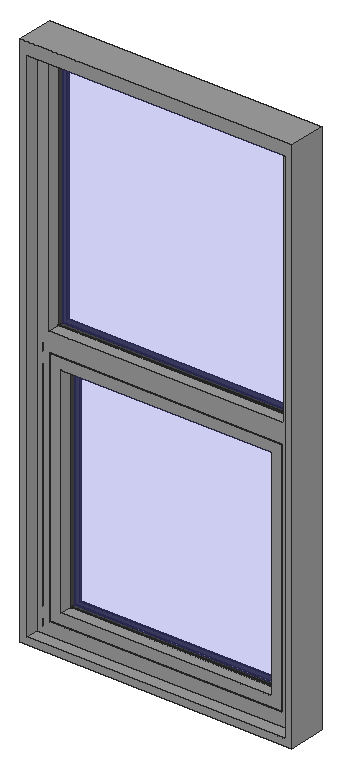
Revit family "SS_5_LAP OP007_v02", category Windows, host Wall, Revit 2015
Parameters
  Wall Thickness [instance] = 0' - 6"
  URL = "obe.com"
  Transom Height = 3' - 0"
  Rough Width = Width + 0' 0 1/2"  # 3' - 0 1/2"
  Rough Height = Height + 0' 0 1/2"  # 6' - 0 1/2"
  Offset Limitation [instance] = if((Offset + 0' 5") > Wall Thickness, (Wall Thickness - 0' 5"), Offset)  # 0' - 0"
  Offset [instance] = 0' - 0"
  Model = "SS_5_LAP OP007"
  Manufacturer = "Oldcastle BuildingEnvelope®"
  Keynote = "08 51 00"
  Height = Operable Height + Transom Height  # 6' - 0"
  Glass Material = Glass
  Gasket Material = Gasket
  Frame Material = Aluminum
  Operable Height = 3' - 0"
  Description = "SIGNATURE SERIES 5000 LAP"
  Default Sill Height = 3' - 0"
  Wall Closure = By host
  Width = 3' - 0"
  Assembly Code = "B2020"
Reference planes (in)
  plane 1 "Center (Front/Back)": y = 0
  plane 2: z = 0
  plane 3 "Center (Left/Right)": x = 0
  plane 4 "Left": x = -18.25
  plane 5 "Right": x = 18.25
  plane 6 "Sill": z = 36
  plane 7 "Top": z = 108.5
  plane 8 "Offset": y = 3
  plane 9: x = 18
  plane 10: z = 108.25
  plane 11: x = -18
  plane 12: z = 36.25
  plane 13 "Center": z = 72.25
  plane 14: z = 39.49948
  plane 15: z = 70.00052
  plane 16: z = 106.625
  plane 17: z = 72.875
  plane 18 "EXT": y = 2.69269
Forms (in)
  Sweep 1, solid, material "Aluminum" <- "Frame Material"
    path origin (0, 3, 0) x (1, 0, 0) y (0, 0, 1)
      loop
        line (-18, 72.25) -> (-18, 36)
    profile origin (-18, 3, 54.125) x (0, -1, 0) y (1, 0, 0)
      loop
        line (0, -0.25) -> (5.00003, -0.25) -> (5.00003, 0.625) -> (3.24905, 0.625) -> (3.24905, 2.3125) -> (3.17, 2.3125) -> (3.17, 1.375) -> (0, 1.375) -> (0, -0.25)
  Sweep 2, solid, material "Aluminum" <- "Frame Material"
    path origin (0, 3, 0) x (1, 0, 0) y (0, 0, 1)
      loop
        line (18, 72.25) -> (18, 36)
    profile origin (18, 3, 54.125) x (0, -1, 0) y (1, 0, 0)
      loop
        line (0, 0.25) -> (0, -1.375) -> (3.17, -1.375) -> (3.17, -2.3125) -> (3.24905, -2.3125) -> (3.24905, -0.625) -> (5.00003, -0.625) -> (5.00003, 0.25) -> (0, 0.25)
  Sweep 3, solid, material "Aluminum" <- "Frame Material"
    path origin (0, 3, 0) x (1, 0, 0) y (0, 0, 1)
      loop
        line (18.25, 36.25) -> (-18.25, 36.25)
    profile origin (0, 3, 36.25) x (0, 0, -1) y (0, -1, 0)
      loop
        line (0.25, 0) -> (0.25, 5.00003) -> (-0.625, 5.00003) -> (-0.625, 3.25) -> (-2.31253, 3.25) -> (-2.31253, 3.16998) -> (-1.37476, 3.16998) -> (-1.37476, 0) -> (0.25, 0)
  Sweep 4, solid, material "Aluminum" <- "Frame Material"
    path origin (0, 3, 0) x (1, 0, 0) y (0, 0, 1)
      loop
        line (18.25, 72.25) -> (-18.25, 72.25)
    profile origin (0, 3, 72.25) x (0, 0, -1) y (0, -1, 0)
      loop
        line (-1.25, 0) -> (0.36816, 0) -> (0.36816, 3.16998) -> (1.3125, 3.16998) -> (1.3125, 3.25) -> (-1.24003, 3.25) -> (-1.24003, 1.49822) -> (-0.625, 1.49822) -> (-0.625, 0.174) -> (-1.25, 0.174) -> (-1.25, 0)
  Sweep 5, solid, material "Aluminum" <- "Frame Material"
    path origin (0, 3, 0) x (1, 0, 0) y (0, 0, 1)
      loop
        line (18.25, 108.25) -> (-18.25, 108.25)
    profile origin (0, 3, 108.25) x (0, 0, -1) y (0, -1, 0)
      loop
        line (-0.25, 0) -> (2.25006, 0) -> (2.25006, 0.17403) -> (1.62506, 0.17403) -> (1.62506, 1.49898) -> (2.25006, 1.49898) -> (2.25006, 3.24169) -> (1.375, 3.24169) -> (1.375, 5.00003) -> (-0.25, 5.00003) -> (-0.25, 0)
  Sweep 6, solid, material "Aluminum" <- "Frame Material"
    path origin (0, 3, 0) x (1, 0, 0) y (0, 0, 1)
      loop
        line (18, 108.50003) -> (18, 72.25)
    profile origin (18, 3, 90.37502) x (0, -1, 0) y (1, 0, 0)
      loop
        line (0, 0.25) -> (0, -2.25006) -> (0.174, -2.25006) -> (0.174, -1.625) -> (1.49822, -1.625) -> (1.49822, -2.25006) -> (3.25003, -2.25006) -> (3.25003, -0.625) -> (5.00003, -0.625) -> (5.00003, 0.25) -> (0, 0.25)
  Sweep 7, solid, material "Aluminum" <- "Frame Material"
    path origin (0, 3, 0) x (1, 0, 0) y (0, 0, 1)
      loop
        line (-18, 108.50003) -> (-18, 72.25)
    profile origin (-18, 3, 90.37502) x (0, -1, 0) y (1, 0, 0)
      loop
        line (0, -0.25) -> (5.00003, -0.25) -> (5.00003, 0.625) -> (3.25003, 0.625) -> (3.25003, 2.25006) -> (1.49822, 2.25006) -> (1.49822, 1.625) -> (0.174, 1.625) -> (0.174, 2.25006) -> (0, 2.25006) -> (0, -0.25)
  Sweep 8, solid, material "Gasket" <- "Gasket Material", detail levels fine
    path origin (0, 3, 0) x (1, 0, 0) y (0, 0, 1)
      loop
        line (14.12552, 69.37552) -> (-14.12552, 69.37552) -> (-14.12552, 40.12448) -> (14.12552, 40.12448) -> (14.12552, 69.37552)
    profile origin (0, 3, 69.37552) x (0, 0, -1) y (0, -1, 0)
      loop
        line (-0.34122, 0.30731) -> (-0.34122, 0.18233) -> (0.01433, 0.18233) -> (0.01433, 0.03323) -> (0.05105, 0.04446) -> (0.15412, 0.30731) -> (-0.34122, 0.30731)
      loop
        line (0.125, 1.30731) -> (0.03928, 1.5877) -> (0, 1.5877) -> (0, 1.50729) -> (-0.16078, 1.50729) -> (-0.23349, 1.41749) -> (-0.32133, 1.34636)
        arc (-0.32133, 1.34636) -> (-0.33482, 1.32905) -> (-0.33179, 1.30731) r 0.02818
        line (-0.33179, 1.30731) -> (0.125, 1.30731)
  Sweep 9, solid, material "Gasket" <- "Gasket Material", detail levels fine
    path origin (0, 3, 0) x (1, 0, 0) y (0, 0, 1)
      loop
        line (15.74994, 105.99994) -> (-15.74994, 105.99994) -> (-15.74994, 73.49003) -> (15.74994, 73.49003) -> (15.74994, 105.99994)
    profile origin (0, 3, 105.99994) x (0, 0, -1) y (0, -1, 0)
      loop
        line (-0.34161, 0.29896) -> (-0.34161, 0.17399) -> (0.01394, 0.17399) -> (0.01394, 0.02489) -> (0.05067, 0.03611) -> (0.15374, 0.29896) -> (-0.34161, 0.29896)
      loop
        line (0.12461, 1.29896) -> (0.03889, 1.57935) -> (-0.00039, 1.57935) -> (-0.00039, 1.49894) -> (-0.16116, 1.49894) -> (-0.23388, 1.40914) -> (-0.32172, 1.33801)
        arc (-0.32172, 1.33801) -> (-0.33521, 1.3207) -> (-0.33218, 1.29896) r 0.02818
        line (-0.33218, 1.29896) -> (0.12461, 1.29896)
  Extrusion 10, solid, material "Glass" <- "Glass Material"
    sketch origin (0, 0, 36) x (0, -1, 0) y (1, 0, 0)
      loop
        line (-2.69269, -14.75052) -> (-1.69269, -14.75052) -> (-1.69269, 14.75052) -> (-2.69269, 14.75052) -> (-2.69269, -14.75052)
    from 3.49948 to 34.00052
  Extrusion 11, solid, material "Glass" <- "Glass Material"
    sketch origin (0, 0, 0) x (1, 0, 0) y (0, 1, 0)
      loop
        line (-16.375, 2.701) -> (-16.375, 1.701) -> (16.375, 1.701) -> (16.375, 2.701) -> (-16.375, 2.701)
    from 72.875 to 106.625
  Sweep 12, solid, material "Aluminum" <- "Frame Material"
    path origin (0, 3, 0) x (1, 0, 0) y (0, 0, 1)
      loop
        line (-18, 72.11606) -> (-18, 37.38394)
    profile origin (-18, 3, 54.75) x (0, -1, 0) y (1, 0, 0)
      loop
        line (0, 1.13394) -> (0, 1.8426) -> (3.09, 1.8426) -> (3.09, 2.49948) -> (3.24905, 2.49948) -> (3.24905, 3.87448) -> (1.50729, 3.87448) -> (1.50729, 3.24948) -> (0.18233, 3.24948) -> (0.18233, 3.87448) -> (0.00831, 3.87448) -> (0.00831, 2.99948) -> (-0.32169, 2.99948) -> (-0.32169, 1.13394) -> (0, 1.13394)
  Sweep 13, solid, material "Aluminum" <- "Frame Material"
    path origin (0, 3, 0) x (1, 0, 0) y (0, 0, 1)
      loop
        line (18, 72.11606) -> (18, 37.38394)
    profile origin (18, 3, 54.75) x (0, -1, 0) y (1, 0, 0)
      loop
        line (0.18233, -3.87448) -> (0.18233, -3.24948) -> (1.50729, -3.24948) -> (1.50729, -3.87448) -> (3.25, -3.87448) -> (3.25, -2.49948) -> (3.09, -2.49948) -> (3.09, -1.8426) -> (0, -1.8426) -> (0, -1.13394) -> (-0.32169, -1.13394) -> (-0.32169, -2.99948) -> (0.00831, -2.99948) -> (0.00831, -3.87448) -> (0.18233, -3.87448)
  Sweep 14, solid, material "Aluminum" <- "Frame Material"
    path origin (0, 3, 0) x (1, 0, 0) y (0, 0, 1)
      loop
        line (16.86606, 72.25) -> (-16.86606, 72.25)
    profile origin (0, 3, 72.25) x (0, 0, -1) y (0, -1, 0)
      loop
        line (0.13394, -0.32169) -> (1.99948, -0.32169) -> (1.99948, 0.00831) -> (2.87448, 0.00831) -> (2.87448, 0.18233) -> (2.24948, 0.18233) -> (2.24948, 1.50729) -> (2.87448, 1.50729) -> (2.87448, 3.25) -> (1.49943, 3.25) -> (1.49943, 3.08994) -> (0.84241, 3.08994) -> (0.84241, 0) -> (0.13394, 0) -> (0.13394, -0.32169)
  Sweep 15, solid, material "Aluminum" <- "Frame Material"
    path origin (0, 3, 0) x (1, 0, 0) y (0, 0, 1)
      loop
        line (16.86606, 36.25) -> (-16.86606, 36.25)
    profile origin (0, 3, 36.25) x (0, 0, -1) y (0, -1, 0)
      loop
        line (-1.13394, 0) -> (-1.84297, 0) -> (-1.84297, 3.08929) -> (-2.49948, 3.08929) -> (-2.49948, 3.25) -> (-3.87448, 3.25) -> (-3.87448, 1.50729) -> (-3.24948, 1.50729) -> (-3.24948, 0.18233) -> (-3.87448, 0.18233) -> (-3.87448, 0.00831) -> (-2.99948, 0.00831) -> (-2.99948, -0.32169) -> (-1.13394, -0.32169) -> (-1.13394, 0)
  Sweep 16, void
    path origin (0, 3, 0) x (1, 0, 0) y (0, 0, 1)
      loop
        line (18, 38.74948) -> (18, 70.75057)
    profile origin (18, 3, 54.75002) x (-1, 0, 0) y (0, -1, 0)
      loop
        line (2.3125, 3.25003) -> (2.3125, 3.09) -> (2.49948, 3.09) -> (2.49948, 3.25003) -> (2.3125, 3.25003)
  Sweep 17, void
    path origin (0, 3, 0) x (1, 0, 0) y (0, 0, 1)
      loop
        line (15.50052, 36.25) -> (-15.50052, 36.25)
    profile origin (0, 3, 36.25) x (0, 0, -1) y (0, -1, 0)
      loop
        line (-2.49948, 3.08929) -> (-2.31253, 3.08929) -> (-2.31253, 3.25003) -> (-2.49948, 3.25003) -> (-2.49948, 3.08929)
  Sweep 18, void
    path origin (0, 3, 0) x (1, 0, 0) y (0, 0, 1)
      loop
        line (15.50052, 72.25) -> (-15.50052, 72.25)
    profile origin (0, 3, 72.25) x (0, 0, -1) y (0, -1, 0)
      loop
        line (1.49943, 3.08994) -> (1.49943, 3.25) -> (1.3125, 3.25) -> (1.3125, 3.08994) -> (1.49943, 3.08994)
  Sweep 19, void
    path origin (0, 3, 0) x (1, 0, 0) y (0, 0, 1)
      loop
        line (-18, 70.75057) -> (-18, 38.56253)
    profile origin (-18, 3, 54.65655) x (0, -1, 0) y (1, 0, 0)
      loop
        line (3.25, 2.3125) -> (3.25, 2.49948) -> (3.09, 2.49948) -> (3.09, 2.3125) -> (3.25, 2.3125)
Cuts and joins
  Sweep 16, Sweep 17, Sweep 18 cuts Sweep 1
  Sweep 16, Sweep 17, Sweep 18 cuts Sweep 2
  Sweep 16, Sweep 17, Sweep 18 cuts Sweep 3
  Sweep 16, Sweep 17, Sweep 18 cuts Sweep 4
  Sweep 16, Sweep 17, Sweep 18 cuts Sweep 5
  Sweep 16, Sweep 17, Sweep 18 cuts Sweep 6
  Sweep 16, Sweep 17, Sweep 18 cuts Sweep 7
  Sweep 16, Sweep 17, Sweep 18 cuts Sweep 12
  Sweep 16, Sweep 17, Sweep 18 cuts Sweep 13
  Sweep 16, Sweep 17, Sweep 18, Sweep 19 cuts Sweep 14
  Sweep 16, Sweep 17, Sweep 18, Sweep 19 cuts Sweep 15
  joined: Sweep 1, Sweep 2, Sweep 3, Sweep 4, Sweep 5, Sweep 6, Sweep 7, Sweep 12, Sweep 13, Sweep 14, Sweep 15
Lines and regions (in)
  Opening 1
    outline origin (-60, -3, 0) x (1, 0, 0) y (0, 0, 1)
      loop
        line (41.75, 108.5) -> (41.75, 36) -> (78.25, 36) -> (78.25, 108.5) -> (41.75, 108.5)
  model lines, style "Opening Direction"
    curve 1: line (14.12552, 2.69269, 40.12448) -> (0, 2.69269, 69.37552)
    curve 2: line (-14.12552, 2.69269, 40.12448) -> (0, 2.69269, 69.37552)
Text (in)
  text "EXTERIOR" at (-58.6888, 50.90694, 0), in view "Ref. Level"
  text "INTERIOR" at (-58.6888, -45.76638, 0), in view "Ref. Level"
  text "Exterior" at (0, 43.65631, 123.19604), in view "Left"
  text "Exterior" at (0, 18.29385, 125.04747), in view "Right"
  text "Min Operable Size\n\n14\" width x 18\" height\n\n\n\nMin Fixed Size\n\n14\" x 18\"\n\n\n\nMax Operable Size\n\n72\" x 72\"\n\n\n\nMax Fixed Size\n\n72\" x 72\"\n\n\n\nMax Operable Area\n\n24 square feet" at (92.60738, 66.24361, 0), in view "Ref. Level"
Dimensions and locks (in)
  equal spacing: plane 4 "Left", plane 3 "Center (Left/Right)", plane 5 "Right"
  "Rough Width": plane 4 "Left" to plane 5 "Right"
  "Default Sill Height": plane 2 to plane 6 "Sill"
  "Offset Limitation": plane 8 "Offset" to host wall
  "Wall Thickness": host wall to host wall
  locked: plane 9 to plane 5 "Right" at 0.25
  locked: plane 6 "Sill" to plane 12 at 0.25
  "Operable Height": plane 12 to plane 13 "Center"
  "Transom Height": plane 13 "Center" to plane 10
  "Rough Height": plane 6 "Sill" to plane 7 "Top"
  "Width": plane 11 to plane 9
  Extrusion 10 sketch curve to Extrusion 10 sketch curve to plane 8 "Offset" = 0' - 1" locked, 0' - 0.30731" locked
  locked: plane 12 to plane 14 at 3.24948
  locked: plane 13 "Center" to plane 15 at 2.24948
  Extrusion 11 to host wall = 0' - 1.701"
  Extrusion 11 sketch curve to Extrusion 11 sketch curve to plane 8 "Offset" = 0' - 1" locked, 0' - 0.299" locked
  locked: plane 16 to plane 10 at 1.625
  locked: plane 17 to plane 13 "Center" at 0.625
  locked: plane 18 "EXT" to plane 8 "Offset" at 0.30731
  aligned and locked: plane 7 "Top" to Opening 1 sketch curve
  aligned and locked: plane 6 "Sill" to Opening 1 sketch curve  (x2)
  aligned and locked: plane 5 "Right" to Opening 1 sketch curve
  aligned and locked: plane 4 "Left" to Opening 1 sketch curve
  aligned and locked: level to plane 2
  aligned and locked: plane 12 to nested 3
  aligned and locked: Sweep 1 sketch curve to plane 11
  aligned and locked: Sweep 2 sketch curve to plane 9
  aligned and locked: plane 12 to Sweep 3 sketch curve
  aligned and locked: plane 10 to Sweep 5 sketch curve
  aligned and locked: Sweep 6 sketch curve to plane 9
  aligned and locked: plane 15 to Extrusion 10
  aligned and locked: Extrusion 10 to plane 14
  aligned and locked: Extrusion 11 to plane 17
  aligned and locked: plane 16 to Extrusion 11
  aligned and locked: plane 3 "Center (Left/Right)" to nested 1
  aligned and locked: plane 13 "Center" to nested 2
  aligned and locked: nested 1 to plane 6 "Sill"
  aligned and locked: plane 8 "Offset" to nested 1
  aligned and locked: plane 3 "Center (Left/Right)" to nested 3
  aligned and locked: plane 8 "Offset" to nested 3
  aligned and locked: Sweep 12 sketch curve to plane 11
  aligned and locked: Sweep 13 sketch curve to plane 9
  aligned and locked: plane 13 "Center" to Sweep 14 sketch curve
  aligned and locked: plane 12 to Sweep 15 sketch curve
  aligned and locked: plane 3 "Center (Left/Right)" to curve 2
  aligned and locked: Sweep 16 sketch curve to plane 9
  aligned and locked: Sweep 17 sketch curve to plane 12
  aligned and locked: Sweep 18 sketch curve to plane 13 "Center"
  aligned and locked: plane 11 to Sweep 19 sketch curve
  aligned and locked: plane 3 "Center (Left/Right)" to nested 2
  aligned and locked: plane 8 "Offset" to nested 2
Automatic sketch dimensions
  Sweep 1 sketch curve to plane 6 "Sill" = 0' - 0"
  Sweep 1 sketch curve to plane 13 "Center" = 0' - 0"
  profile plane to Sweep 1 sketch curve = 0' - 0 1/4"
  Sweep 2 sketch curve to plane 6 "Sill" = 0' - 0"
  Sweep 2 sketch curve to plane 13 "Center" = 0' - 0"
  plane 4 "Left" to Sweep 3 sketch curve = 0' - 0"
  plane 5 "Right" to Sweep 3 sketch curve = 0' - 0"
  plane 4 "Left" to Sweep 4 sketch curve = 0' - 0"
  plane 5 "Right" to Sweep 4 sketch curve = 0' - 0"
  Sweep 4 sketch curve to plane 13 "Center" = 0' - 0"
  plane 4 "Left" to Sweep 5 sketch curve = 0' - 0"
  plane 5 "Right" to Sweep 5 sketch curve = 0' - 0"
  Sweep 5 sketch curve to Sweep 5 sketch curve = 0' - 1 5/8"
  Sweep 5 sketch curve to Sweep 5 sketch curve = 0' - 0 5/8"  (x2)
  Sweep 5 sketch curve to Sweep 5 sketch curve = 0' - 1.32495"
  Sweep 5 sketch curve to Sweep 5 sketch curve = 0' - 1.74271"
  Sweep 5 sketch curve to Sweep 5 sketch curve = 0' - 1.75834"
  Sweep 5 sketch curve to plane 8 "Offset" = 0' - 0"
  profile plane to Sweep 5 sketch curve = 0' - 0 1/4"
  Sweep 5 sketch curve to Sweep 5 sketch curve = 0' - 1.87506"
  plane 8 "Offset" to Sweep 5 sketch curve = 0' - 0.17403"
  Sweep 6 sketch curve to plane 13 "Center" = 0' - 0"
  Sweep 6 sketch curve to plane 7 "Top" = 0' - 0.00003"
  plane 8 "Offset" to Sweep 6 sketch curve = 0' - 0.174"
  Sweep 6 sketch curve to Sweep 6 sketch curve = 0' - 1 83/256"
  profile plane to Sweep 6 sketch curve = 0' - 0 5/8"
  Sweep 6 sketch curve to Sweep 6 sketch curve = 0' - 1.75182"
  Sweep 6 sketch curve to Sweep 6 sketch curve = 0' - 1 3/4"
  profile plane to Sweep 6 sketch curve = 0' - 1 5/8"
  Sweep 6 sketch curve to Sweep 6 sketch curve = 0' - 0.62506"  (x2)
  Sweep 6 sketch curve to profile plane = 0' - 0 1/4"
  plane 8 "Offset" to Sweep 6 sketch curve = 0' - 0"
  plane 11 to Sweep 7 sketch curve = 0' - 0"
  Sweep 7 sketch curve to plane 13 "Center" = 0' - 0"
  Sweep 7 sketch curve to plane 7 "Top" = 0' - 0.00003"
  Sweep 7 sketch curve to plane 8 "Offset" = 0' - 0"
  Sweep 7 sketch curve to Sweep 7 sketch curve = 0' - 0.174"
  Sweep 7 sketch curve to Sweep 7 sketch curve = 0' - 1 83/256"
  Sweep 7 sketch curve to Sweep 7 sketch curve = 0' - 1.75182"
  Sweep 7 sketch curve to Sweep 7 sketch curve = 0' - 1 3/4"
  profile plane to Sweep 7 sketch curve = 0' - 0 1/4"
  Sweep 7 sketch curve to Sweep 7 sketch curve = 0' - 0 7/8"
  Sweep 7 sketch curve to Sweep 7 sketch curve = 0' - 1 7/8"
  Sweep 7 sketch curve to Sweep 7 sketch curve = 0' - 1.62506"
  Sweep 7 sketch curve to Sweep 7 sketch curve = 0' - 0.62506"
  Sweep 8 sketch curve to plane 11 = 0' - 3.87448"
  plane 9 to Sweep 8 sketch curve = 0' - 3.87448"
  Sweep 8 sketch curve to plane 12 = 0' - 3.87448"
  plane 13 "Center" to Sweep 8 sketch curve = 0' - 2.87448"
  Sweep 8 sketch curve to profile plane = 0' - 0"
  Sweep 8 sketch curve to Sweep 8 sketch curve = 0' - 0.16078"
  Sweep 8 sketch curve to Sweep 8 sketch curve = 0' - 0.07272"
  Sweep 8 sketch curve to Sweep 8 sketch curve = 0' - 0.07411"
  Sweep 8 sketch curve to Sweep 8 sketch curve = 0' - 0.01373"
  Sweep 8 sketch curve to Sweep 8 sketch curve = 0' - 0.02419"
  profile plane to Sweep 8 sketch curve = 0' - 0.34122"
  Sweep 8 sketch curve to profile plane = 0' - 0.01433"
  Sweep 8 sketch curve to Sweep 8 sketch curve = 0' - 0.03672"
  Sweep 8 sketch curve to profile plane = 0' - 0 1/8"
  Sweep 8 sketch curve to profile plane = 0' - 0.15412"
  plane 8 "Offset" to Sweep 8 sketch curve = 0' - 0.03323"
  Sweep 8 sketch curve to Sweep 8 sketch curve = 0' - 0.01123"
  Sweep 8 sketch curve to Sweep 8 sketch curve = 0' - 0.13787"
  Sweep 8 sketch curve to Sweep 8 sketch curve = 0' - 0.12497"
  Sweep 8 sketch curve to Sweep 8 sketch curve = 0' - 1"
  Sweep 8 sketch curve to Sweep 8 sketch curve = 0' - 0.01445"
  Sweep 8 sketch curve to Sweep 8 sketch curve = 0' - 0.07113"
  Sweep 8 sketch curve to Sweep 8 sketch curve = 0' - 0.19998"
  Sweep 8 sketch curve to Sweep 8 sketch curve = 0' - 0.08041"
  Sweep 8 sketch curve to profile plane = 0' - 0.03928"
  Sweep 9 sketch curve to plane 11 = 0' - 2.25006"
  plane 9 to Sweep 9 sketch curve = 0' - 2.25006"
  Sweep 9 sketch curve to plane 13 "Center" = 0' - 1.24003"
  plane 10 to Sweep 9 sketch curve = 0' - 2.25006"
  profile plane to Sweep 9 sketch curve = 0' - 0.34161"
  profile plane to Sweep 9 sketch curve = 0' - 0.33218"
  Sweep 9 sketch curve to Sweep 9 sketch curve = 0' - 0.01046"
  Sweep 9 sketch curve to Sweep 9 sketch curve = 0' - 0.02419"
  profile plane to Sweep 9 sketch curve = 0' - 0.23388"
  profile plane to Sweep 9 sketch curve = 0' - 0.16116"
  Sweep 9 sketch curve to Sweep 9 sketch curve = 0' - 0.16078"
  Sweep 9 sketch curve to profile plane = 0' - 0.01394"
  Sweep 9 sketch curve to Sweep 9 sketch curve = 0' - 0.03928"
  Sweep 9 sketch curve to Sweep 9 sketch curve = 0' - 0.03672"
  Sweep 9 sketch curve to Sweep 9 sketch curve = 0' - 0 1/8"
  Sweep 9 sketch curve to Sweep 9 sketch curve = 0' - 0.13979"
  plane 8 "Offset" to Sweep 9 sketch curve = 0' - 0.02489"
  Sweep 9 sketch curve to Sweep 9 sketch curve = 0' - 0.01123"
  Sweep 9 sketch curve to Sweep 9 sketch curve = 0' - 0.13787"
  Sweep 9 sketch curve to Sweep 9 sketch curve = 0' - 0.12497"
  Sweep 9 sketch curve to Sweep 9 sketch curve = 0' - 1"
  Sweep 9 sketch curve to Sweep 9 sketch curve = 0' - 0.01445"
  Sweep 9 sketch curve to Sweep 9 sketch curve = 0' - 0.07113"
  Sweep 9 sketch curve to Sweep 9 sketch curve = 0' - 0.19998"
  Sweep 9 sketch curve to Sweep 9 sketch curve = 0' - 0.08041"
  Extrusion 10 sketch curve to plane 11 = 0' - 3.24948"
  plane 9 to Extrusion 10 sketch curve = 0' - 3.24948"
  Extrusion 11 sketch curve to plane 11 = 0' - 1 5/8"
  plane 9 to Extrusion 11 sketch curve = 0' - 1 5/8"
  Sweep 4 sketch curve to plane 8 "Offset" = 0' - 0"
  plane 8 "Offset" to Sweep 4 sketch curve = 0' - 0.174"
  profile plane to Sweep 4 sketch curve = 0' - 1 1/4"
  profile plane to Sweep 4 sketch curve = 0' - 1.24003"
  Sweep 4 sketch curve to Sweep 4 sketch curve = 0' - 0.61503"
  Sweep 4 sketch curve to Sweep 4 sketch curve = 0' - 1 83/256"
  Sweep 4 sketch curve to Sweep 4 sketch curve = 0' - 1.75178"
  Sweep 4 sketch curve to profile plane = 0' - 0.36816"
  Sweep 4 sketch curve to Sweep 4 sketch curve = 0' - 0.94435"
  Sweep 4 sketch curve to Sweep 4 sketch curve = 0' - 0.08002"
  plane 8 "Offset" to Sweep 2 sketch curve = 0' - 0"
  profile plane to Sweep 2 sketch curve = 0' - 0 5/8"
  Sweep 2 sketch curve to profile plane = 0' - 0 1/4"
  Sweep 2 sketch curve to Sweep 2 sketch curve = 0' - 1.75099"
  Sweep 2 sketch curve to Sweep 2 sketch curve = 0' - 3.17"
  Sweep 2 sketch curve to Sweep 2 sketch curve = 0' - 0.07905"
  Sweep 2 sketch curve to Sweep 2 sketch curve = 0' - 0 3/4"
  Sweep 2 sketch curve to Sweep 2 sketch curve = 0' - 0 15/16"
  Sweep 1 sketch curve to profile plane = 0' - 0 5/8"
  Sweep 1 sketch curve to Sweep 1 sketch curve = 0' - 1.75099"
  plane 8 "Offset" to Sweep 1 sketch curve = 0' - 0"
  Sweep 1 sketch curve to Sweep 1 sketch curve = 0' - 3.17"
  Sweep 1 sketch curve to Sweep 1 sketch curve = 0' - 0 15/16"
  Sweep 1 sketch curve to Sweep 1 sketch curve = 0' - 0.07905"
  Sweep 1 sketch curve to Sweep 1 sketch curve = 0' - 0 3/4"
  profile plane to Sweep 3 sketch curve = 0' - 2.31253"
  profile plane to Sweep 3 sketch curve = 0' - 0 5/8"
  Sweep 3 sketch curve to profile plane = 0' - 0 1/4"
  plane 8 "Offset" to Sweep 3 sketch curve = 0' - 3.16998"
  Sweep 3 sketch curve to Sweep 3 sketch curve = 0' - 0.08002"
  Sweep 3 sketch curve to Sweep 3 sketch curve = 0' - 1.75003"
  Sweep 3 sketch curve to Sweep 3 sketch curve = 0' - 0.74976"
  plane 8 "Offset" to Sweep 3 sketch curve = 0' - 0"
  Sweep 12 sketch curve to plane 6 "Sill" = 0' - 1.38394"
  plane 13 "Center" to Sweep 12 sketch curve = 0' - 0.13394"
  Sweep 12 sketch curve to Sweep 12 sketch curve = 0' - 0.32169"
  Sweep 12 sketch curve to profile plane = 0' - 1.13394"
  Sweep 12 sketch curve to plane 8 "Offset" = 0' - 0"
  Sweep 12 sketch curve to Sweep 12 sketch curve = 0' - 0.70866"
  Sweep 12 sketch curve to Sweep 12 sketch curve = 0' - 1.15688"
  plane 8 "Offset" to Sweep 12 sketch curve = 0' - 0.00831"
  Sweep 12 sketch curve to Sweep 12 sketch curve = 0' - 0 7/8"
  Sweep 12 sketch curve to Sweep 12 sketch curve = 0' - 0.17403"
  Sweep 12 sketch curve to Sweep 12 sketch curve = 0' - 3.06671"
  Sweep 12 sketch curve to Sweep 12 sketch curve = 0' - 1.32495"
  Sweep 12 sketch curve to Sweep 12 sketch curve = 0' - 0 5/8"
  Sweep 12 sketch curve to Sweep 12 sketch curve = 0' - 0"
  Sweep 12 sketch curve to Sweep 12 sketch curve = 0' - 0.15905"
  Sweep 12 sketch curve to Sweep 12 sketch curve = 0' - 0.65688"
  Sweep 13 sketch curve to plane 12 = 0' - 1.13394"
  plane 13 "Center" to Sweep 13 sketch curve = 0' - 0.13394"
  plane 8 "Offset" to Sweep 13 sketch curve = 0' - 0.00831"
  Sweep 13 sketch curve to Sweep 13 sketch curve = 0' - 0.17403"
  Sweep 13 sketch curve to Sweep 13 sketch curve = 0' - 0 1/4"
  Sweep 13 sketch curve to plane 8 "Offset" = 0' - 0.32169"
  plane 8 "Offset" to Sweep 13 sketch curve = 0' - 0"
  profile plane to Sweep 13 sketch curve = 0' - 1.13394"
  Sweep 13 sketch curve to Sweep 13 sketch curve = 0' - 3.06767"
  Sweep 13 sketch curve to Sweep 13 sketch curve = 0' - 0.16"
  Sweep 13 sketch curve to Sweep 13 sketch curve = 0' - 1 3/8"
  Sweep 13 sketch curve to Sweep 13 sketch curve = 0' - 0.65688"
  Sweep 13 sketch curve to Sweep 13 sketch curve = 0' - 0.70866"
  Sweep 13 sketch curve to Sweep 13 sketch curve = 0' - 1.32495"
  Sweep 13 sketch curve to Sweep 13 sketch curve = 0' - 0"
  Sweep 13 sketch curve to Sweep 13 sketch curve = 0' - 0 5/8"
  Sweep 14 sketch curve to plane 11 = 0' - 1.13394"
  plane 9 to Sweep 14 sketch curve = 0' - 1.13394"
  Sweep 14 sketch curve to plane 8 "Offset" = 0' - 0"
  Sweep 14 sketch curve to profile plane = 0' - 0.13394"
  Sweep 14 sketch curve to Sweep 14 sketch curve = 0' - 0.70847"
  plane 8 "Offset" to Sweep 14 sketch curve = 0' - 0.00831"
  Sweep 14 sketch curve to Sweep 14 sketch curve = 0' - 1.15707"
  Sweep 14 sketch curve to Sweep 14 sketch curve = 0' - 0 1/4"
  Sweep 14 sketch curve to Sweep 14 sketch curve = 0' - 0 5/8"  (x2)
  Sweep 14 sketch curve to plane 8 "Offset" = 0' - 0.32169"
  plane 8 "Offset" to Sweep 14 sketch curve = 0' - 0.18233"
  Sweep 14 sketch curve to Sweep 14 sketch curve = 0' - 1.32495"
  Sweep 14 sketch curve to Sweep 14 sketch curve = 0' - 1.74271"
  Sweep 14 sketch curve to Sweep 14 sketch curve = 0' - 0.65702"
  Sweep 14 sketch curve to Sweep 14 sketch curve = 0' - 0.16006"
  Sweep 15 sketch curve to plane 11 = 0' - 1.13394"
  plane 9 to Sweep 15 sketch curve = 0' - 1.13394"
  plane 8 "Offset" to Sweep 15 sketch curve = 0' - 0.18233"
  Sweep 15 sketch curve to Sweep 15 sketch curve = 0' - 0"
  Sweep 15 sketch curve to Sweep 15 sketch curve = 0' - 0 5/8"
  plane 8 "Offset" to Sweep 15 sketch curve = 0' - 0.00831"
  Sweep 15 sketch curve to Sweep 15 sketch curve = 0' - 0 1/4"
  profile plane to Sweep 15 sketch curve = 0' - 1.13394"
  Sweep 15 sketch curve to plane 8 "Offset" = 0' - 0.32169"
  Sweep 15 sketch curve to Sweep 15 sketch curve = 0' - 1.32495"
  Sweep 15 sketch curve to Sweep 15 sketch curve = 0' - 1.74271"
  Sweep 15 sketch curve to Sweep 15 sketch curve = 0' - 1 3/8"
  Sweep 15 sketch curve to Sweep 15 sketch curve = 0' - 0.65651"
  Sweep 15 sketch curve to Sweep 15 sketch curve = 0' - 0.70903"
  plane 8 "Offset" to Sweep 15 sketch curve = 0' - 0"
  Sweep 15 sketch curve to Sweep 15 sketch curve = 0' - 0.16071"
  plane 14 to curve 2 = 0' - 0 5/8"
  curve 2 to plane 11 = 0' - 3.87448"
  plane 14 to curve 1 = 0' - 0 5/8"
  plane 9 to curve 1 = 0' - 3.87448"
  curve 2 to plane 15 = 0' - 0 5/8"
  Sweep 16 sketch curve to profile plane = 0' - 2 5/16"
  Sweep 16 sketch curve to Sweep 16 sketch curve = 0' - 0.18698"
  plane 8 "Offset" to Sweep 16 sketch curve = 0' - 3.09"
  Sweep 16 sketch curve to Sweep 16 sketch curve = 0' - 0.16003"
  profile plane to Sweep 17 sketch curve = 0' - 2.49948"
  Sweep 17 sketch curve to Sweep 17 sketch curve = 0' - 0.18695"
  plane 8 "Offset" to Sweep 17 sketch curve = 0' - 3.08929"
  Sweep 17 sketch curve to Sweep 17 sketch curve = 0' - 0.16074"
  Sweep 17 sketch curve to plane 11 = 0' - 2.49948"
  plane 9 to Sweep 17 sketch curve = 0' - 2.49948"
  Sweep 16 sketch curve to plane 14 = 0' - 0 3/4"
  plane 15 to Sweep 16 sketch curve = 0' - 0.75005"
  Sweep 18 sketch curve to plane 11 = 0' - 2.49948"
  plane 9 to Sweep 18 sketch curve = 0' - 2.49948"
  Sweep 18 sketch curve to profile plane = 0' - 1 5/16"
  Sweep 18 sketch curve to Sweep 18 sketch curve = 0' - 0.18693"
  plane 8 "Offset" to Sweep 18 sketch curve = 0' - 3.08994"
  Sweep 18 sketch curve to Sweep 18 sketch curve = 0' - 0.16006"
  Sweep 19 sketch curve to plane 12 = 0' - 2.31253"
  plane 15 to Sweep 19 sketch curve = 0' - 0.75005"
  plane 8 "Offset" to Sweep 19 sketch curve = 0' - 3.09"
  Sweep 19 sketch curve to Sweep 19 sketch curve = 0' - 0.16"
  Sweep 19 sketch curve to profile plane = 0' - 2 5/16"
  Sweep 19 sketch curve to Sweep 19 sketch curve = 0' - 0.18698"
Nested families (in)
  nested 1: "S-5000 LAP-Plan View" at (0, 3, 0), Default Sill Height <- "Default Sill Height", Operable Height <- "Operable Height", Width <- "Width", type "S-5000 LAP-Plan View"
    with Width 3' - 0", Operable Height 3' - 0", Default Sill Height 3' - 0"
  nested 2: "S-5000 LAP-Transom View" at (0, 3, 36.25), Operable Height <- "Operable Height", Transom Height <- "Transom Height", Width <- "Width", type "S-5000 LAP-Transom View"
    with Width 3' - 0", Transom Height 3' - 0", Operable Height 3' - 0"
  nested 3: "S-5000 LAP-Section Fixed-Operable" at (0, 3, 0.25), Default Sill Height <- "Default Sill Height", Operable Height <- "Operable Height", Transom Height <- "Transom Height", Width <- "Width", type "S-5000 LAP-Section Fixed_Operable"
    with Width 3' - 0", Transom Height 3' - 0", Operable Height 3' - 0", Default Sill Height 3' - 0"
Definition of nested family "S-5000 LAP-Plan View"
  Parameters (values of type "S-5000 LAP-Plan View")
    Width [instance] = 2' - 0"
    Operable Height [instance] = 3' - 0"
    Default Sill Height [instance] = 3' - 0"
    Analytic Construction = "<None>"
  Reference planes (in)
    plane 1 "Center (Front/Back)": y = 0
    plane 2: z = 0
    plane 3 "Center (Left/Right)": x = 0
    plane 4: z = 36
  Lines and regions (in)
    model lines, not visible
      curve 1: line (0, 0, 72) -> (0, 0, 36)
  Dimensions and locks (in)
    "Default Sill Height": plane 4 to plane 2
    "Operable Height": curve 1 to plane 4
    aligned and locked: plane 2 to level
    aligned and locked: plane 1 "Center (Front/Back)" to nested 1
    aligned and locked: plane 3 "Center (Left/Right)" to nested 1
    aligned and locked: plane 4 to curve 1
    aligned and locked: curve 1 to plane 1 "Center (Front/Back)"
  Nested families (in)
    nested 1: "S-5000 LAP-Plan View" at (-12, 0, 0), Width <- "Width", type "S-5000 LAP-Plan View"
      with Width 2' - 0"
  Definition of nested family "S-5000 LAP-Plan View"
    Parameters (values of type "S-5000 LAP-Plan View")
      Width [instance] = 2' - 0"
    Reference planes (in)
      plane 1 "Center (Front/Back)": y = 0
      plane 2: z = 0
      plane 3 "C": x = 0
      plane 4: x = 24
      plane 5: x = 20.75052
      plane 6: x = 3.24948
      plane 7 "Center (Left/Right)": x = 12
    Lines and regions (in)
      detail lines, in view "Ref. Level"
        curve 1: line (20.75052, -0.30731, 0) -> (3.24948, -0.30731, 0)
        curve 2: line (20.75052, -1.30731, 0) -> (3.24948, -1.30731, 0)
    Dimensions and locks (in)
      "Width": plane 3 "C" to plane 4
      locked: plane 3 "C" to plane 6 at 3.24948
      locked: plane 5 to plane 4 at 3.24948
      equal spacing: plane 3 "C", plane 7 "Center (Left/Right)", plane 4
      aligned and locked: nested 1 to plane 4
      aligned and locked: nested 1 to plane 1 "Center (Front/Back)"
      aligned and locked: nested 2 to plane 3 "C"
      aligned and locked: nested 2 to plane 1 "Center (Front/Back)"
      aligned and locked: plane 6 to curve 1
      aligned and locked: plane 5 to curve 1
      aligned and locked: plane 6 to curve 2
      aligned and locked: plane 5 to curve 2
    Automatic sketch dimensions
      plane 1 "Center (Front/Back)" to curve 2 = 0' - 1.30731"
      plane 1 "Center (Front/Back)" to curve 1 = 0' - 0.30731"
    Nested families (in)
      nested 1: "S-5000 LAP-JAMB L" at (24, 0, 0) x (-1, 0, 0) z (0, 0, 1), type "S-5000 LAP-JAMB L", in view "Ref. Level"
      nested 2: "S-5000 LAP-JAMB R" at (0, 0, 0) x (-1, 0, 0) z (0, 0, 1), type "S-5000 LAP-JAMB R", in view "Ref. Level"
    Definition of nested family "S-5000 LAP-JAMB L"
      Reference planes (in)
        plane 1 "Center (Front/Back)": y = 0
        plane 2: z = 0
        plane 3 "Center (Left/Right)": x = 0
      Lines and regions (in)
        detail lines, in view "Ref. Level"
          curve 1: line (-0.25, 0.20716, 0) -> (-0.25, 0.08, 0)
          curve 2: line (-0.25, 0.08, 0) -> (-0.25, 0, 0)
          curve 3: line (-0.25, 0, 0) -> (1.13394, 0, 0)
          curve 4: line (1.13394, 0, 0) -> (1.13394, -0.32169, 0)
          curve 5: line (1.13394, -0.32169, 0) -> (2.99948, -0.32169, 0)
          curve 6: line (2.99948, -0.32169, 0) -> (2.99948, 0.00831, 0)
          curve 7: line (2.99948, 0.00831, 0) -> (3.87448, 0.00831, 0)
          curve 8: line (3.87448, 0.00831, 0) -> (3.87448, 0.30731, 0)
          curve 9: line (3.87448, 0.30731, 0) -> (3.24948, 0.30731, 0)
          curve 10: line (3.24948, 0.30731, 0) -> (3.24948, 1.30731, 0)
          curve 11: line (3.24948, 1.30731, 0) -> (3.87448, 1.30731, 0)
          curve 12: line (3.87448, 1.30731, 0) -> (3.87448, 3.24905, 0)
          curve 13: line (3.87448, 3.24905, 0) -> (0.625, 3.24905, 0)
          curve 14: line (0.625, 3.24905, 0) -> (0.625, 5.00003, 0)
          curve 15: line (0.625, 5.00003, 0) -> (-0.25, 5.00003, 0)
          curve 16: line (-0.25, 5.00003, 0) -> (-0.25, 4.92003, 0)
          curve 17: line (-0.25, 4.92003, 0) -> (-0.25, 3.82737, 0)
          curve 18: line (-0.25, 3.82737, 0) -> (-0.25, 3.17003, 0)
          curve 19: line (-0.25, 3.17003, 0) -> (-0.25, 2.45303, 0)
          curve 20: line (-0.25, 2.45303, 0) -> (-0.25, 0.73366, 0)
          curve 21: line (-0.25, 0.73366, 0) -> (-0.25, 0.26986, 0)
    Definition of nested family "S-5000 LAP-JAMB R"
      Reference planes (in)
        plane 1 "Center (Front/Back)": y = 0
        plane 2: z = 0
        plane 3 "Center (Left/Right)": x = 0
      Lines and regions (in)
        detail lines, in view "Ref. Level"
          curve 1: line (0.25, 0.20716, 0) -> (0.25, 0.08, 0)
          curve 2: line (0.25, 0.08, 0) -> (0.25, 0, 0)
          curve 3: line (0.25, 0, 0) -> (-1.13394, 0, 0)
          curve 4: line (-1.13394, 0, 0) -> (-1.13394, -0.32169, 0)
          curve 5: line (-1.13394, -0.32169, 0) -> (-2.99948, -0.32169, 0)
          curve 6: line (-2.99948, -0.32169, 0) -> (-2.99948, 0.00831, 0)
          curve 7: line (-2.99948, 0.00831, 0) -> (-3.87448, 0.00831, 0)
          curve 8: line (-3.87448, 0.00831, 0) -> (-3.87448, 0.30731, 0)
          curve 9: line (-3.87448, 0.30731, 0) -> (-3.24948, 0.30731, 0)
          curve 10: line (-3.24948, 0.30731, 0) -> (-3.24948, 1.30731, 0)
          curve 11: line (-3.24948, 1.30731, 0) -> (-3.87448, 1.30731, 0)
          curve 12: line (-3.87448, 1.30731, 0) -> (-3.87448, 3.24905, 0)
          curve 13: line (-3.87448, 3.24905, 0) -> (-0.625, 3.24905, 0)
          curve 14: line (-0.625, 3.24905, 0) -> (-0.625, 5.00003, 0)
          curve 15: line (-0.625, 5.00003, 0) -> (0.25, 5.00003, 0)
          curve 16: line (0.25, 5.00003, 0) -> (0.25, 4.92003, 0)
          curve 17: line (0.25, 4.92003, 0) -> (0.25, 3.82737, 0)
          curve 18: line (0.25, 3.82737, 0) -> (0.25, 3.17003, 0)
          curve 19: line (0.25, 3.17003, 0) -> (0.25, 2.45303, 0)
          curve 20: line (0.25, 2.45303, 0) -> (0.25, 0.73366, 0)
          curve 21: line (0.25, 0.73366, 0) -> (0.25, 0.26986, 0)
Definition of nested family "S-5000 LAP-Transom View"
  Parameters (values of type "S-5000 LAP-Transom View")
    Width [instance] = 2' - 0"
    Transom Height [instance] = 2' - 0"
    Operable Height [instance] = 3' - 0"
    Analytic Construction = "<None>"
  Reference planes (in)
    plane 1 "Center (Front/Back)": y = 0
    plane 2: z = 0
    plane 3 "Center (Left/Right)": x = 0
    plane 4: z = 36
  Lines and regions (in)
    model lines, not visible
      curve 1: line (0, 0, 60) -> (0, 0, 36)
  Dimensions and locks (in)
    "Operable Height": plane 4 to plane 2
    "Transom Height": plane 4 to curve 1
    aligned and locked: plane 2 to level
    aligned and locked: plane 1 "Center (Front/Back)" to nested 1
    aligned and locked: plane 3 "Center (Left/Right)" to nested 1
  Automatic sketch dimensions
    curve 1 to plane 1 "Center (Front/Back)" = 0' - 0"
    plane 4 to curve 1 = 0' - 0"
  Nested families (in)
    nested 1: "S-5000 LAP-Transom View" at (-12, 0, 0), Width <- "Width", type "S-5000 LAP-Transom View"
      with Width 2' - 0"
  Definition of nested family "S-5000 LAP-Transom View"
    Parameters (values of type "S-5000 LAP-Transom View")
      Width [instance] = 2' - 0"
    Reference planes (in)
      plane 1 "Center (Front/Back)": y = 0
      plane 2: z = 0
      plane 3 "C": x = 0
      plane 4: x = 24
      plane 5: x = 22.375
      plane 6: x = 1.625
      plane 7 "Center (Left/Right)": x = 12
    Lines and regions (in)
      detail lines, in view "Ref. Level"
        curve 1: line (22.375, -0.299, 0) -> (1.625, -0.299, 0)
        curve 2: line (22.375, -1.299, 0) -> (1.625, -1.299, 0)
    Dimensions and locks (in)
      "Width": plane 3 "C" to plane 4
      locked: plane 3 "C" to plane 6 at 1.625
      locked: plane 5 to plane 4 at 1.625
      equal spacing: plane 3 "C", plane 7 "Center (Left/Right)", plane 4
      aligned and locked: nested 1 to plane 3 "C"
      aligned and locked: nested 1 to plane 1 "Center (Front/Back)"
      aligned and locked: nested 2 to plane 4
      aligned and locked: nested 2 to plane 1 "Center (Front/Back)"
      aligned and locked: plane 5 to curve 1
      aligned and locked: plane 6 to curve 1
      aligned and locked: plane 6 to curve 2
      aligned and locked: plane 5 to curve 2
    Automatic sketch dimensions
      plane 1 "Center (Front/Back)" to curve 2 = 0' - 1.299"
      plane 1 "Center (Front/Back)" to curve 1 = 0' - 0.299"
    Nested families (in)
      nested 1: "S-5000 LAP-JAMB R" at (0, 0, 0) x (-1, 0, 0) z (0, 0, 1), type "S-5000 LAP-JAMB R", in view "Ref. Level"
      nested 2: "S-5000 LAP-JAMB L" at (24, 0, 0) x (-1, 0, 0) z (0, 0, 1), type "S-5000 LAP-JAMB L", in view "Ref. Level"
    Definition of nested family "S-5000 LAP-JAMB R"
      Reference planes (in)
        plane 1 "Center (Front/Back)": y = 0
        plane 2: z = 0
        plane 3 "Center (Left/Right)": x = 0
      Lines and regions (in)
        detail lines, in view "Ref. Level"
          curve 1: line (-0.625, 5.00003, 0) -> (-0.625, 3.25003, 0)
          curve 2: line (-0.625, 3.25003, 0) -> (-2.25006, 3.24091, 0)
          curve 3: line (-2.25006, 3.24091, 0) -> (-2.25006, 1.299, 0)
          curve 4: line (-2.25006, 1.299, 0) -> (-1.625, 1.299, 0)
          curve 5: line (-1.625, 1.299, 0) -> (-1.625, 0.299, 0)
          curve 6: line (-1.625, 0.299, 0) -> (-2.25006, 0.299, 0)
          curve 7: line (-2.25006, 0.299, 0) -> (-2.25006, 0, 0)
          curve 8: line (-2.25006, 0, 0) -> (0.25, 0, 0)
          curve 9: line (0.25, 0, 0) -> (0.25, 0.08, 0)
          curve 10: line (0.25, 0.08, 0) -> (0.25, 0.27029, 0)
          curve 11: line (0.25, 0.27029, 0) -> (0.25, 0.73697, 0)
          curve 12: line (0.25, 0.73697, 0) -> (0.25, 2.45484, 0)
          curve 13: line (0.25, 2.45484, 0) -> (0.25, 3.17003, 0)
          curve 14: line (0.25, 3.17003, 0) -> (0.25, 3.82737, 0)
          curve 15: line (0.25, 3.82737, 0) -> (0.25, 4.31278, 0)
          curve 16: line (0.25, 4.31278, 0) -> (0.25, 4.92003, 0)
          curve 17: line (0.25, 4.92003, 0) -> (0.25, 5.00003, 0)
          curve 18: line (0.25, 5.00003, 0) -> (-0.625, 5.00003, 0)
    Definition of nested family "S-5000 LAP-JAMB L"
      Reference planes (in)
        plane 1 "Center (Front/Back)": y = 0
        plane 2: z = 0
        plane 3 "Center (Left/Right)": x = 0
      Lines and regions (in)
        detail lines, in view "Ref. Level"
          curve 1: line (0.625, 5.00003, 0) -> (0.625, 3.25003, 0)
          curve 2: line (0.625, 3.25003, 0) -> (2.25006, 3.24091, 0)
          curve 3: line (2.25006, 3.24091, 0) -> (2.25006, 1.299, 0)
          curve 4: line (2.25006, 1.299, 0) -> (1.625, 1.299, 0)
          curve 5: line (1.625, 1.299, 0) -> (1.625, 0.299, 0)
          curve 6: line (1.625, 0.299, 0) -> (2.25006, 0.299, 0)
          curve 7: line (2.25006, 0.299, 0) -> (2.25006, 0, 0)
          curve 8: line (2.25006, 0, 0) -> (-0.25, 0, 0)
          curve 9: line (-0.25, 0, 0) -> (-0.25, 0.08, 0)
          curve 10: line (-0.25, 0.08, 0) -> (-0.25, 0.27029, 0)
          curve 11: line (-0.25, 0.27029, 0) -> (-0.25, 0.73697, 0)
          curve 12: line (-0.25, 0.73697, 0) -> (-0.25, 2.45484, 0)
          curve 13: line (-0.25, 2.45484, 0) -> (-0.25, 3.17003, 0)
          curve 14: line (-0.25, 3.17003, 0) -> (-0.25, 3.82737, 0)
          curve 15: line (-0.25, 3.82737, 0) -> (-0.25, 4.31278, 0)
          curve 16: line (-0.25, 4.31278, 0) -> (-0.25, 4.92003, 0)
          curve 17: line (-0.25, 4.92003, 0) -> (-0.25, 5.00003, 0)
          curve 18: line (-0.25, 5.00003, 0) -> (0.625, 5.00003, 0)
Definition of nested family "S-5000 LAP-Section Fixed-Operable"
  Parameters (values of type "S-5000 LAP-Section Fixed-Operable")
    Width [instance] = 2' - 0"
    Transom Height [instance] = 2' - 0"
    Operable Height [instance] = 3' - 0"
    Default Sill Height [instance] = 3' - 0"
    Analytic Construction = "<None>"
  Types (2): name
    S-5000 LAP-Section Fixed-Operable
    S-5000 LAP-Section Fixed_Operable
  Reference planes (in)
    plane 1 "Center (Front/Back)": y = 0
    plane 2: z = 0
    plane 3 "Center (Left/Right)": x = 0
    plane 4: z = 36
  Lines and regions (in)
    model lines, not visible
      curve 1: line (-12, 0, 0) -> (12, 0, 0)
  Dimensions and locks (in)
    "Default Sill Height": plane 4 to plane 2
    equal spacing: curve 1, plane 3 "Center (Left/Right)", curve 1
    "Width": curve 1 to curve 1
    aligned and locked: plane 2 to level
    aligned and locked: nested 1 to plane 4
    aligned and locked: nested 1 to plane 1 "Center (Front/Back)"
    aligned and locked: plane 1 "Center (Front/Back)" to curve 1
  Nested families (in)
    nested 1: "S-5000 LAP-Section Fixed-Operable" at (0, 0, 36) x (0, -1, 0) z (1, 0, 0), Operable Height <- "Operable Height", Transom Height <- "Transom Height", type "S-5000 LAP-Section Fixed-Operable"
      with Transom Height 2' - 0", Operable Height 3' - 0"
  Definition of nested family "S-5000 LAP-Section Fixed-Operable"
    Parameters (values of type "S-5000 LAP-Section Fixed_Operable")
      Transom Height [instance] = 2' - 0"
      Operable Height [instance] = 3' - 0"
    Reference planes (in)
      plane 1 "Center (Front/Back)": y = 0
      plane 2: z = 0
      plane 3 "Center (Left/Right)": x = 0
      plane 4: y = 60
      plane 5: y = 58.375
      plane 6: y = 3.24948
      plane 7: y = 36
      plane 8: y = 36.625
      plane 9: y = 33.75052
    Lines and regions (in)
      detail lines, in view "Ref. Level"
        curve 1: line (0.30731, 33.75052, 0) -> (0.30731, 3.24948, 0)
        curve 2: line (1.30731, 33.75052, 0) -> (1.30731, 3.24948, 0)
        curve 3: line (0.299, 58.375, 0) -> (0.299, 36.625, 0)
        curve 4: line (1.299, 58.375, 0) -> (1.299, 36.625, 0)
    Dimensions and locks (in)
      "Operable Height": plane 1 "Center (Front/Back)" to plane 7
      locked: plane 6 to plane 1 "Center (Front/Back)" at 3.24948
      locked: plane 4 to plane 5 at 1.625
      "Transom Height": plane 4 to plane 7
      plane 8 to plane 7 to plane 9 = 0' - 0 5/8" locked, 0' - 2.24948" locked
      aligned and locked: plane 1 "Center (Front/Back)" to nested 1
      aligned and locked: plane 3 "Center (Left/Right)" to nested 1
      aligned and locked: nested 2 to plane 7
      aligned and locked: plane 3 "Center (Left/Right)" to nested 2
      aligned and locked: plane 6 to curve 2
      aligned and locked: plane 6 to curve 1
      aligned and locked: plane 9 to curve 2
      aligned and locked: plane 9 to curve 1
      aligned and locked: nested 3 to plane 4
      aligned and locked: plane 3 "Center (Left/Right)" to nested 3
      aligned and locked: plane 8 to curve 4
      aligned and locked: plane 8 to curve 3
    Automatic sketch dimensions
      plane 3 "Center (Left/Right)" to curve 1 = 0' - 0.30731"
      plane 3 "Center (Left/Right)" to curve 3 = 0' - 0.299"
      curve 1 to curve 2 = 0' - 1"
      curve 3 to curve 4 = 0' - 1"
      curve 4 to plane 5 = 0' - 0"
      curve 3 to plane 5 = 0' - 0"
    Nested families (in)
      nested 1: "S-5000 LAP-SILL" at (0, 0, 0), type "S-5000 LAP-SILL", in view "Ref. Level"
      nested 2: "S-5000 LAP-HORIZ" at (0, 36, 0), type "S-5000 LAP-HORIZ", in view "Ref. Level"
      nested 3: "S-5000 LAP-HEAD" at (0, 60, 0), type "S-5000 LAP-HEAD", in view "Ref. Level"
    Definition of nested family "S-5000 LAP-SILL"
      Reference planes (in)
        plane 1 "Center (Front/Back)": y = 0
        plane 2: z = 0
        plane 3 "Center (Left/Right)": x = 0
      Lines and regions (in)
        detail lines, in view "Ref. Level"
          curve 1: line (3.25, 0.625, 0) -> (3.25, 3.87448, 0)
          curve 2: line (3.25, 3.87448, 0) -> (1.30731, 3.87448, 0)
          curve 3: line (1.30731, 3.87448, 0) -> (1.30731, 3.24948, 0)
          curve 4: line (1.30731, 3.24948, 0) -> (0.30731, 3.24948, 0)
          curve 5: line (0.30731, 3.24948, 0) -> (0.30731, 3.87448, 0)
          curve 6: line (0.30731, 3.87448, 0) -> (0.00831, 3.87448, 0)
          curve 7: line (0.00831, 3.87448, 0) -> (0.00831, 2.99948, 0)
          curve 8: line (0.00831, 2.99948, 0) -> (-0.32169, 2.99948, 0)
          curve 9: line (-0.32169, 2.99948, 0) -> (-0.32169, 1.13394, 0)
          curve 10: line (-0.32169, 1.13394, 0) -> (0, 1.13394, 0)
          curve 11: line (0, 1.13394, 0) -> (0, -0.25, 0)
          curve 12: line (0, -0.25, 0) -> (0.08, -0.25, 0)
          curve 13: line (0.08, -0.25, 0) -> (2.37303, -0.25, 0)
          curve 14: line (2.37303, -0.25, 0) -> (2.45303, -0.25, 0)
          curve 15: line (2.45303, -0.25, 0) -> (3.17, -0.25, 0)
          curve 16: line (3.17, -0.25, 0) -> (3.82733, -0.25, 0)
          curve 17: line (3.82733, -0.25, 0) -> (4.31275, -0.25, 0)
          curve 18: line (4.31275, -0.25, 0) -> (4.92, -0.25, 0)
          curve 19: line (4.92, -0.25, 0) -> (5, -0.25, 0)
          curve 20: line (5, -0.25, 0) -> (5, 0.625, 0)
          curve 21: line (5, 0.625, 0) -> (3.25, 0.625, 0)
    Definition of nested family "S-5000 LAP-HORIZ"
      Reference planes (in)
        plane 1 "Center (Front/Back)": y = 0
        plane 2: z = 0
        plane 3 "Center (Left/Right)": x = 0
      Lines and regions (in)
        detail lines, in view "Ref. Level"
          curve 1: line (3.25, 1.24003, 0) -> (1.299, 1.24003, 0)
          curve 2: line (1.299, 1.24003, 0) -> (1.299, 0.625, 0)
          curve 3: line (1.299, 0.625, 0) -> (0.299, 0.625, 0)
          curve 4: line (0.299, 0.625, 0) -> (0.299, 1.25, 0)
          curve 5: line (0.299, 1.25, 0) -> (0, 1.25, 0)
          curve 6: line (0, 1.25, 0) -> (0, -0.13394, 0)
          curve 7: line (0, -0.13394, 0) -> (-0.32169, -0.13394, 0)
          curve 8: line (-0.32169, -0.13394, 0) -> (-0.32169, -1.99948, 0)
          curve 9: line (-0.32169, -1.99948, 0) -> (0.00831, -1.99948, 0)
          curve 10: line (0.00831, -1.99948, 0) -> (0.00831, -2.87448, 0)
          curve 11: line (0.00831, -2.87448, 0) -> (0.30731, -2.87448, 0)
          curve 12: line (0.30731, -2.87448, 0) -> (0.30731, -2.24948, 0)
          curve 13: line (0.30731, -2.24948, 0) -> (1.30731, -2.24948, 0)
          curve 14: line (1.30731, -2.24948, 0) -> (1.30731, -2.87448, 0)
          curve 15: line (1.30731, -2.87448, 0) -> (3.25, -2.87448, 0)
          curve 16: line (3.25, -2.87448, 0) -> (3.25, 1.24003, 0)
    Definition of nested family "S-5000 LAP-HEAD"
      Reference planes (in)
        plane 1 "Center (Front/Back)": y = 0
        plane 2: z = 0
        plane 3 "Center (Left/Right)": x = 0
      Lines and regions (in)
        detail lines, in view "Ref. Level"
          curve 1: line (4.72928, 0.25, 0) -> (2.89368, 0.25, 0)
          curve 2: line (2.89368, 0.25003, 0) -> (2.45303, 0.25003, 0)
          curve 3: line (2.45303, 0.25003, 0) -> (0.79697, 0.25003, 0)
          curve 4: line (0.79697, 0.25, 0) -> (0.20716, 0.25, 0)
          curve 5: line (0.20716, 0.25, 0) -> (0.08, 0.25, 0)
          curve 6: line (0.08, 0.25, 0) -> (0, 0.25, 0)
          curve 7: line (0, 0.25, 0) -> (0, -2.25006, 0)
          curve 8: line (0, -2.25006, 0) -> (0.299, -2.25006, 0)
          curve 9: line (0.299, -2.25006, 0) -> (0.299, -1.625, 0)
          curve 10: line (0.299, -1.625, 0) -> (1.299, -1.625, 0)
          curve 11: line (1.299, -1.625, 0) -> (1.299, -2.25006, 0)
          curve 12: line (1.299, -2.25006, 0) -> (3.24091, -2.25006, 0)
          curve 13: line (3.24091, -2.25006, 0) -> (3.24091, -1.375, 0)
          curve 14: line (3.24091, -1.375, 0) -> (5.00003, -1.375, 0)
          curve 15: line (5.00003, -1.375, 0) -> (5.00003, 0.25, 0)
          curve 16: line (5.00003, 0.25, 0) -> (4.92003, 0.25, 0)
          curve 17: line (4.92003, 0.25, 0) -> (4.85645, 0.25, 0)
          curve 18: line (4.85645, 0.25, 0) -> (4.79287, 0.25, 0)
